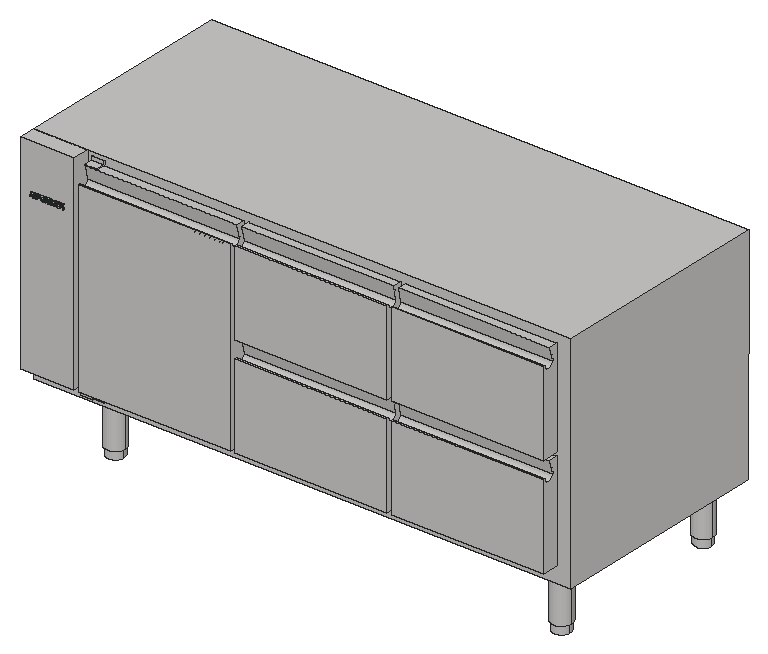
Revit family "QF_ALPENINOX_712647_AJ3R8ABB", category Specialty Equipment, Revit 2018
Family settings
  Round Connector Dimension = Use Diameter
  Part Type = Normal
  Work Plane-Based = No
  Always vertical = Yes
  Cut with Voids When Loaded = No
  Shared = No
  Room Calculation Point = No
Parameters
  Weight = 0.00 kg
  Watts = 2.78709 W
  Volts = 220 V
  URL Manufacturer = "http://www.alpeninox.com"
  URL = "http://www.alpeninox.com"
  Steam Supply Size = 0 mm
  Steam Supply Minimum Pressure = 0.0 Pa
  Steam Supply Maximum Pressure = 0.0 Pa
  Steam Pounds per Hour = 0
  Refrigeration Suction Line Size = 0 mm
  Refrigeration Liquid Line Size = 0 mm
  Refrigerant Compressor Remote = yes
  Manufacturer = "Alpeninox"
  Phase = 1
  Model = "AJ3R8ABB"
  Length Actual = 1557 mm  # constant formula
  Length = 1557 mm
  Item Number = "712647"
  Hot Water Size = 0 mm
  Height Actual = 800 mm  # constant formula
  Height = 650 mm
  HP = "0 HP"
  Gas Size = 0 mm
  Gas KW = 0
  Gas Input Pressure = 0 W
  Depth Actual = 700 mm  # constant formula
  Depth = 695 mm
  Description = "1 DOOR+4x½ DRAWER REF.TABLE -2C REM NO TOP"
  Cycle = 60 Hz
  Condensate Return Size = 0 mm
  Compressed Air Volume = 0.0 L/s
  Compressed Air Size = 0 mm
  Compressed Air Pressure = 0.0 Pa
  Cold Water Size = 0 mm
  Accessory = yes
Reference planes
  plane 1: z = 0
  plane 2 "Center (Left/Right)": x = -124.5
  plane 3 "Center (Front/Back)": y = 64.5
  plane 4 "FEET": z = 150
  plane 5 "TOP": z = 850
  plane 6 "PLAIN": z = 800
  plane 7 "EI_back": y = 359
  plane 8 "EI_left": x = -837
  plane 9 "BACK": y = 412
  plane 10 "FRONT": y = -283
  plane 11 "DOOR": y = -233
  plane 12 "LEFT": x = -903
  plane 13 "RIGHT": x = 654
  plane 14: x = -878
  plane 15: x = 629
  plane 16 "RO_left": x = -863
  plane 17 "RI_left": x = -811
  plane 18 "RO_back": y = 375.5
  plane 19 "RI_back": y = 375.5
  plane 20 "DRAINleft": x = -837
  plane 21 "DRAINback": y = 164
Forms (mm)
  Extrusion 1, solid, material "QF_Finishes_Stainless Steel"
    sketch origin (-1022.223, -1524, 150) x (-1, 0, 0) y (0, -1, 0)
      loop
        circle (-185.223, -1883) r 5
    from 0 to -40
  Extrusion 2, solid, material "QF_Finishes_Stainless Steel"
    sketch origin (-1022.223, -1524, 150) x (-1, 0, 0) y (0, -1, 0)
      loop
        circle (-159.223, -1899.5) r 4.25
    from 0 to -20
  Extrusion 3, solid, material "QF_Finishes_Stainless Steel"
    sketch origin (-1022.223, -1524, 150) x (-1, 0, 0) y (0, -1, 0)
      loop
        circle (-211.223, -1899.5) r 4
    from 0 to -20
  Extrusion 4, solid, material "QF_Finishes_Stainless Steel"
    sketch origin (-1022.223, -1524, 150) x (-1, 0, 0) y (0, -1, 0)
      loop
        circle (-185.223, -1688) r 8.5
    from 0 to -40
  Extrusion 5, solid, material "QF_Finishes_Stainless Steel"
    sketch origin (-1022.223, -1524, 150) x (-1, 0, 0) y (0, -1, 0)
      loop
        line (-119.223, -1936) -> (-119.223, -1291) -> (-1676.223, -1291) -> (-1676.223, -1936) -> (-119.223, -1936)
    from 0 to 650 <- "Height"
Lines and regions (mm)
  symbolic lines, style "SpecialityEquipmentHiddenLines"
    curve 1: line (-903, 412, 150) -> (654, 412, 150)
    curve 2: line (-903, -283, 150) -> (-903, 412, 150)
    curve 3: line (654, -283, 150) -> (-903, -283, 150)
    curve 4: line (654, 412, 150) -> (654, -283, 150)
    curve 5: line (-903, -233, 150) -> (654, -233, 150)
    curve 6: line (629, -233, 150) -> (629, -283, 150)
Dimensions and locks
  plane 4 "FEET" to level = 150 mm
  plane 11 "DOOR" to plane 10 "FRONT" = 50 mm
  "Height": plane 6 "PLAIN" to plane 4 "FEET"
  plane 5 "TOP" to plane 6 "PLAIN" = 50 mm
  plane 12 "LEFT" to plane 14 = 25 mm
  plane 15 to plane 13 "RIGHT" = 25 mm
  plane 9 "BACK" to plane 18 "RO_back" = 36.5 mm
  plane 9 "BACK" to plane 7 "EI_back" = 53 mm
  plane 9 "BACK" to plane 19 "RI_back" = 36.5 mm
  plane 9 "BACK" to plane 21 "DRAINback" = 248 mm
  plane 12 "LEFT" to plane 20 "DRAINleft" = 66 mm
  plane 12 "LEFT" to plane 8 "EI_left" = 66 mm
  plane 12 "LEFT" to plane 17 "RI_left" = 92 mm
  plane 12 "LEFT" to plane 16 "RO_left" = 40 mm
  "Depth": plane 9 "BACK" to plane 10 "FRONT"
  equal spacing: plane 9 "BACK", plane 3 "Center (Front/Back)", plane 10 "FRONT"
  "Length": plane 12 "LEFT" to plane 13 "RIGHT"
  equal spacing: plane 12 "LEFT", plane 2 "Center (Left/Right)", plane 13 "RIGHT"
  aligned and locked: level to plane 1
Automatic sketch dimensions
  Extrusion 1 sketch curve to plane 7 "EI_back" = 0 mm
  Extrusion 1 sketch curve to plane 8 "EI_left" = 0 mm
  Extrusion 2 sketch curve to plane 16 "RO_left" = 0 mm
  Extrusion 2 sketch curve to plane 18 "RO_back" = 0 mm
  Extrusion 3 sketch curve to plane 17 "RI_left" = 0 mm
  Extrusion 3 sketch curve to plane 19 "RI_back" = 0 mm
  Extrusion 4 sketch curve to plane 20 "DRAINleft" = 0 mm
  Extrusion 4 sketch curve to plane 21 "DRAINback" = 0 mm
  Extrusion 5 sketch curve to plane 9 "BACK" = 0 mm
  Extrusion 5 sketch curve to plane 13 "RIGHT" = 0 mm
  Extrusion 5 sketch curve to plane 11 "DOOR" = 0 mm
  Extrusion 5 sketch curve to plane 12 "LEFT" = 0 mm
  curve 1 to plane 13 "RIGHT" = 0 mm
  curve 6 to plane 15 = 0 mm
  curve 5 to plane 11 "DOOR" = 0 mm
  curve 5 to plane 12 "LEFT" = 0 mm
  curve 6 to plane 10 "FRONT" = 0 mm
  curve 1 to plane 9 "BACK" = 0 mm
  radius of Extrusion 1 sketch curve = 5 mm
  radius of Extrusion 2 sketch curve = 4.25 mm
  radius of Extrusion 3 sketch curve = 4 mm
  radius of Extrusion 4 sketch curve = 8.5 mm
Nested families
  nested 1: "Refrigerator" at (654, -283, 0), type "Refrigerator"
  nested 2: "FEET" at (-707, 331, 0), type "FEET"
  nested 3: "FEET" at (588, 331, 0), type "FEET"
  nested 4: "FEET" at (-707, -183, 0), type "FEET"
  nested 5: "FEET" at (588, -183, 0), type "FEET"
  nested 6: "APX_REM_TN_L_650" at (-746.08, -233, 548) x (1, 0, 0) z (0, -1, 0), type "APX_REM_TN_L_650"
    with Show Logo yes
  nested 7: "APX_SD_L_650" at (-513, -233, 458.88) x (1, 0, 0) z (0, -1, 0), type "APX_SD_L_650"
    with Show Clearance yes
  nested 8: "APX_HALF_650" at (-59, -233, 458.08) x (1, 0, 0) z (0, -1, 0), type "APX_HALF_650"
    with Show Clearance yes
  nested 9: "APX_HALF_650" at (395, -233, 458.08) x (1, 0, 0) z (0, -1, 0), type "APX_HALF_650"
    with Show Clearance yes
Connectors
  electrical at (-837, 359, 110), driven by "Volts"
    settings: on Extrusion 1, index 1, voltage 220 V, apparent load 0 VA, apparent load phase1 0 VA, apparent load phase2 0 VA, apparent load phase3 0 VA, power factor 1, load classification "Other", number of poles 1, system type 31, power factor state 1, is connector primary yes, connector utility no, sub classification motor no, connector description "Electrical Connection"
  piping at (-863, 375.5, 130), diameter 9.5
    settings: on Extrusion 2, index 3, connector inside diameter 609.6 mm, connector length 0 mm, flow factor 0, pipe flow 0.0 L/s, pressure drop 0.0 Pa, fitting loss kfactor 0, connector angle 0.00°, fixture units 0, engagement length 0 mm, angle of deflection 0.00°, flow configuration 1, flow direction 2, fitting loss method 0, system type 8, joint type 0, gender type 0, connector reference index -1, connector utility 0, adjustable connector no, is connector primary yes, connector description "Refrigerant Outlet"
  piping at (-811, 375.5, 130), diameter 8
    settings: on Extrusion 3, index 4, connector inside diameter 609.6 mm, connector length 0 mm, flow factor 0, pipe flow 0.0 L/s, pressure drop 0.0 Pa, fitting loss kfactor 0, connector angle 0.00°, fixture units 0, engagement length 0 mm, angle of deflection 0.00°, flow configuration 1, flow direction 1, fitting loss method 0, system type 7, joint type 0, gender type 0, connector reference index -1, connector utility 0, adjustable connector no, is connector primary no, connector description "Refrigerant Inlet"
  piping at (-837, 164, 110), diameter 17
    settings: on Extrusion 4, index 5, connector inside diameter 609.6 mm, connector length 0 mm, flow factor 0, pipe flow 0.0 L/s, pressure drop 0.0 Pa, fitting loss kfactor 0, connector angle 0.00°, fixture units 0, engagement length 0 mm, angle of deflection 0.00°, flow configuration 1, flow direction 2, fitting loss method 0, system type 16, joint type 0, gender type 0, connector reference index -1, connector utility 0, adjustable connector no, is connector primary no, connector description "Drain"
Definition of nested family "FEET"
  Parameters
    FEET = 150 mm
  Reference planes
    plane 1 "Center (Front/Back)": y = 0
    plane 2: z = 0
    plane 3 "Center (Left/Right)": x = 0
    plane 4: z = 150
  Forms (mm)
    Revolve 1, solid
      sketch origin (255.05, 0, 608.09) x (0, 0, 1) y (-1, 0, 0)
        loop
          line (-608.09, 255.05) -> (-608.09, 230.05) -> (-583.09, 230.05) -> (-583.09, 226.05) -> (-458.09, 226.05) -> (-458.09, 255.05) -> (-608.09, 255.05)
        axis (-608.09, 255.05) -> (-458.09, 255.05)
      angle from 0 to 360
  Dimensions and locks
    locked: Revolve 1 sketch curve to Revolve 1 sketch curve at 125
    "FEET": plane 4 to plane 2
    aligned and locked: level to plane 2
    aligned and locked: plane 4 to Revolve 1 sketch curve
    aligned and locked: Revolve 1 sketch curve to level
    aligned and locked: plane 3 "Center (Left/Right)" to Revolve 1 sketch curve
  Automatic sketch dimensions
    Revolve 1 sketch curve to plane 3 "Center (Left/Right)" = 0 mm
    Revolve 1 sketch curve to Revolve 1 sketch curve = 25 mm
    Revolve 1 sketch curve to Revolve 1 sketch curve = 29 mm
    plane 4 to Revolve 1 sketch curve = 50 mm
    Revolve 1 sketch curve to Revolve 1 sketch curve = 20 mm
Definition of nested family "APX_REM_TN_L_650"
  Parameters
    Show Logo [instance] = yes
    Default Elevation = 1219.2 mm
  Reference planes
    plane 1 "Centro (Fronte/Retro)": y = -49
    plane 2: z = 0
    plane 3 "Centro (Sinistra/Destra)": x = -78.92
  Forms (mm)
    Extrusion 1, solid
      sketch origin (0, 0, 0) x (1, 0, 0) y (0, 1, 0)
        loop
          line (-1219.2, 1219.2) -> (-1219.2, -1219.2) -> (1219.2, -1219.2) -> (1219.2, 1219.2) -> (-1219.2, 1219.2)
      from 0 to -304.8
    Extrusion 2, solid
      sketch origin (0, 0, 0) x (1, 0, 0) y (0, 1, 0)
        loop
          line (-156.92, 252) -> (-156.92, -350) -> (-0.92, -350) -> (-0.92, 252) -> (-156.92, 252)
      from 0 to 50
    Extrusion 3, solid
      sketch origin (43.141, -49.023, 0) x (1, 0, 0) y (0, 1, 0)
        loop
          line (-168.675, 170.349) -> (-172.411, 160.318)
          arc (-172.411, 160.318) -> (-171.624, 158.497) -> (-169.837, 159.36) r 1.374
          line (-169.837, 159.36) -> (-169.268, 161.111) -> (-164.1, 161.111) -> (-163.54, 159.379)
          arc (-163.54, 159.379) -> (-161.802, 158.542) -> (-161.049, 160.318) r 1.333
          line (-161.049, 160.318) -> (-164.694, 170.349)
          arc (-164.694, 170.349) -> (-166.685, 171.876) -> (-168.675, 170.349) r 2.06
        loop
          line (-166.681, 169.055) -> (-168.469, 163.655) -> (-164.935, 163.655) -> (-166.681, 169.055)
        loop
          arc (-159.705, 160.042) -> (-159.262, 158.973) -> (-158.194, 158.531) r 1.512
          line (-158.194, 158.531) -> (-153.608, 158.531)
          arc (-153.608, 158.531) -> (-152.337, 159.802) -> (-153.608, 161.074) r 1.272
          line (-153.608, 161.074) -> (-156.917, 161.074) -> (-156.917, 170.328)
          arc (-156.917, 170.328) -> (-158.311, 171.722) -> (-159.705, 170.328) r 1.394
          line (-159.705, 170.328) -> (-159.705, 160.042)
        loop
          line (-151.076, 170.218) -> (-151.076, 159.859)
          arc (-151.076, 159.859) -> (-149.683, 158.466) -> (-148.29, 159.859) r 1.393
          line (-148.29, 159.859) -> (-148.29, 162.882) -> (-146.225, 162.882)
          arc (-146.225, 162.882) -> (-142.999, 163.859) -> (-141.608, 166.928) r 4.082
          arc (-141.608, 166.928) -> (-142.993, 170.272) -> (-146.336, 171.657) r 4.728
          line (-146.336, 171.657) -> (-149.638, 171.657)
          arc (-149.638, 171.657) -> (-150.655, 171.235) -> (-151.076, 170.218) r 1.439
        loop
          line (-148.29, 165.313) -> (-146.388, 165.313)
          arc (-146.388, 165.313) -> (-144.433, 167.268) -> (-146.388, 169.222) r 1.955
          line (-146.388, 169.222) -> (-148.29, 169.222) -> (-148.29, 165.313)
        loop
          arc (-131.184, 166.332) -> (-132.004, 168.2) -> (-133.767, 169.228) r 3.3
          arc (-133.767, 169.228) -> (-136.353, 168.661) -> (-137.611, 166.332) r 3.176
          line (-137.611, 166.332) -> (-131.184, 166.332)
        loop
          line (-137.538, 163.743) -> (-130.544, 163.743)
          arc (-130.544, 163.743) -> (-129.292, 163.916) -> (-128.301, 164.701) r 2.4
          arc (-128.301, 164.701) -> (-128.155, 165.545) -> (-128.212, 166.399) r 3.635
          arc (-128.212, 166.399) -> (-130.364, 170.162) -> (-134.39, 171.769) r 6.579
          arc (-134.39, 171.769) -> (-138.918, 169.706) -> (-140.661, 165.044) r 6.501
          arc (-140.661, 165.044) -> (-139.276, 160.789) -> (-135.401, 158.549) r 6.252
          arc (-135.401, 158.549) -> (-132.922, 158.526) -> (-130.544, 159.232) r 8.361
          arc (-130.544, 159.232) -> (-129.466, 159.781) -> (-128.641, 160.666) r 3.486
          arc (-128.641, 160.666) -> (-128.419, 161.592) -> (-128.828, 162.451) r 1.425
          arc (-128.828, 162.451) -> (-129.368, 162.762) -> (-129.99, 162.762) r 1.203
          arc (-129.99, 162.762) -> (-130.406, 162.59) -> (-130.764, 162.316) r 1.724
          arc (-130.764, 162.316) -> (-131.666, 161.705) -> (-132.646, 161.229) r 7.6
          arc (-132.646, 161.229) -> (-135.676, 161.35) -> (-137.538, 163.743) r 3.6
        loop
          line (-126.669, 170.328) -> (-126.669, 159.859)
          arc (-126.669, 159.859) -> (-125.273, 158.463) -> (-123.878, 159.859) r 1.396
          line (-123.878, 159.859) -> (-123.878, 166.785) -> (-117.946, 159.029)
          arc (-117.946, 159.029) -> (-116.361, 158.51) -> (-115.379, 159.859) r 1.417
          line (-115.379, 159.859) -> (-115.379, 170.328)
          arc (-115.379, 170.328) -> (-116.774, 171.723) -> (-118.169, 170.328) r 1.395
          line (-118.169, 170.328) -> (-118.169, 163.311) -> (-124.101, 171.157)
          arc (-124.101, 171.157) -> (-125.687, 171.678) -> (-126.669, 170.328) r 1.418
        loop
          arc (-113.636, 159.859) -> (-112.241, 158.464) -> (-110.847, 159.859) r 1.394
          line (-110.847, 159.859) -> (-110.847, 170.328)
          arc (-110.847, 170.328) -> (-112.241, 171.723) -> (-113.636, 170.328) r 1.394
          line (-113.636, 170.328) -> (-113.636, 159.859)
        loop
          line (-109.102, 170.328) -> (-109.102, 159.859)
          arc (-109.102, 159.859) -> (-107.706, 158.463) -> (-106.31, 159.859) r 1.396
          line (-106.31, 159.859) -> (-106.31, 166.785) -> (-100.378, 159.029)
          arc (-100.378, 159.029) -> (-98.793, 158.51) -> (-97.812, 159.859) r 1.417
          line (-97.812, 159.859) -> (-97.812, 170.328)
          arc (-97.812, 170.328) -> (-99.207, 171.723) -> (-100.602, 170.328) r 1.395
          line (-100.602, 170.328) -> (-100.602, 163.311) -> (-106.533, 171.157)
          arc (-106.533, 171.157) -> (-108.119, 171.678) -> (-109.102, 170.328) r 1.418
        loop
          arc (-96.345, 165.093) -> (-95.619, 161.877) -> (-93.467, 159.379) r 6.806
          arc (-93.467, 159.379) -> (-91.792, 158.566) -> (-89.948, 158.31) r 5.956
          arc (-89.948, 158.31) -> (-88.104, 158.566) -> (-86.43, 159.379) r 5.956
          arc (-86.43, 159.379) -> (-84.277, 161.877) -> (-83.551, 165.093) r 6.806
          arc (-83.551, 165.093) -> (-84.277, 168.31) -> (-86.43, 170.808) r 6.806
          arc (-86.43, 170.808) -> (-88.104, 171.621) -> (-89.948, 171.877) r 5.956
          arc (-89.948, 171.877) -> (-91.792, 171.621) -> (-93.467, 170.808) r 5.956
          arc (-93.467, 170.808) -> (-95.619, 168.31) -> (-96.345, 165.093) r 6.806
        loop
          arc (-93.425, 165.093) -> (-93.138, 163.212) -> (-92.081, 161.629) r 4.387
          arc (-92.081, 161.629) -> (-91.087, 161.049) -> (-89.948, 160.881) r 3.035
          arc (-89.948, 160.881) -> (-88.809, 161.049) -> (-87.815, 161.629) r 3.035
          arc (-87.815, 161.629) -> (-86.759, 163.212) -> (-86.472, 165.093) r 4.387
          arc (-86.472, 165.093) -> (-86.759, 166.975) -> (-87.815, 168.558) r 4.387
          arc (-87.815, 168.558) -> (-88.809, 169.138) -> (-89.948, 169.306) r 3.035
          arc (-89.948, 169.306) -> (-91.087, 169.138) -> (-92.081, 168.558) r 3.035
          arc (-92.081, 168.558) -> (-93.138, 166.975) -> (-93.425, 165.093) r 4.387
        loop
          line (-82.843, 169.609) -> (-79.829, 165.552) -> (-83.513, 160.652)
          arc (-83.513, 160.652) -> (-83.216, 158.692) -> (-81.262, 159.029) r 1.388
          line (-81.262, 159.029) -> (-78.213, 163.232) -> (-75.164, 159.029)
          arc (-75.164, 159.029) -> (-73.211, 158.692) -> (-72.913, 160.652) r 1.388
          line (-72.913, 160.652) -> (-76.597, 165.552) -> (-73.584, 169.609)
          arc (-73.584, 169.609) -> (-73.952, 171.597) -> (-75.908, 171.084) r 1.38
          line (-75.908, 171.084) -> (-78.213, 167.841) -> (-80.519, 171.084)
          arc (-80.519, 171.084) -> (-82.474, 171.597) -> (-82.843, 169.609) r 1.38
      from 50 to 51.6
  Lines and regions (mm)
    Split face 1
      outline origin (0, 0, 50) x (1, 0, 0) y (0, 1, 0)
        loop
          line (-0.92, 188) -> (-156.92, 188)
    Split face 2
      outline origin (0, 0, 50) x (1, 0, 0) y (0, 1, 0)
        loop
          line (-156.92, 178) -> (-0.92, 178)
    Split face 3
      outline origin (0, 0, 50) x (1, 0, 0) y (0, 1, 0)
        loop
          line (-0.92, 104) -> (-156.92, 104)
    Split face 4
      outline origin (0, 0, 50) x (1, 0, 0) y (0, 1, 0)
        loop
          line (-0.92, 94) -> (-156.92, 94)
    Split face 5
      outline origin (0, 0, 50) x (1, 0, 0) y (0, 1, 0)
        loop
          line (-108.92, 163.931) -> (-108.92, 134.412) -> (-48.92, 134.412) -> (-48.92, 163.931) -> (-108.92, 163.931)
    Split face 6
      outline origin (0, 0, 50) x (1, 0, 0) y (0, 1, 0)
        loop
          line (-68.92, 160.931) -> (-68.92, 137.412) -> (-51.92, 137.412) -> (-51.92, 160.931) -> (-68.92, 160.931)
    symbolic lines
      curve 1: line (-2, -49, 50) -> (-2, -49, 0)
  Dimensions and locks
    equal spacing: Extrusion 2, plane 3 "Centro (Sinistra/Destra)", Extrusion 2
    equal spacing: Extrusion 2, plane 1 "Centro (Fronte/Retro)", Extrusion 2
    Extrusion 2 to Extrusion 2 = 156 mm
    aligned and locked: plane 2 to Extrusion 1
    aligned and locked: level to Extrusion 1
  Automatic sketch dimensions
    curve 1 to level = 0 mm
    plane 3 "Centro (Sinistra/Destra)" to curve 1 = 76.92 mm
    curve 1 to curve 1 = 50 mm
    Extrusion 1 sketch curve to Extrusion 1 sketch curve = 2438.4 mm  (x2)
    Extrusion 2 sketch curve to plane 3 "Centro (Sinistra/Destra)" = 78 mm
    plane 3 "Centro (Sinistra/Destra)" to Extrusion 2 sketch curve = 78 mm
    plane 1 "Centro (Fronte/Retro)" to Extrusion 2 sketch curve = 301 mm
    Extrusion 2 sketch curve to plane 1 "Centro (Fronte/Retro)" = 301 mm
    Extrusion 3 sketch curve to plane 3 "Centro (Sinistra/Destra)" = 50.35 mm
    Extrusion 3 sketch curve to Extrusion 3 sketch curve = 1.266 mm
    Extrusion 3 sketch curve to Extrusion 3 sketch curve = 1.307 mm
    Extrusion 3 sketch curve to Extrusion 3 sketch curve = 0.57 mm
    Extrusion 3 sketch curve to Extrusion 3 sketch curve = 0.593 mm
    Extrusion 3 sketch curve to Extrusion 3 sketch curve = 0.799 mm
    Extrusion 3 sketch curve to Extrusion 3 sketch curve = 1.99 mm  (x2)
    Extrusion 3 sketch curve to Extrusion 3 sketch curve = 0.003 mm
    Extrusion 3 sketch curve to Extrusion 3 sketch curve = 3.534 mm
    Extrusion 3 sketch curve to Extrusion 3 sketch curve = 0.835 mm
    Extrusion 3 sketch curve to Extrusion 3 sketch curve = 0.56 mm
    Extrusion 3 sketch curve to Extrusion 3 sketch curve = 1.268 mm
    Extrusion 3 sketch curve to Extrusion 3 sketch curve = 1.223 mm
    Extrusion 3 sketch curve to Extrusion 3 sketch curve = 1.344 mm
    Extrusion 3 sketch curve to Extrusion 3 sketch curve = 1.394 mm  (x2)
    Extrusion 3 sketch curve to Extrusion 3 sketch curve = 1.512 mm
    Extrusion 3 sketch curve to Extrusion 3 sketch curve = 3.309 mm
    Extrusion 3 sketch curve to Extrusion 3 sketch curve = 5.841 mm
    Extrusion 3 sketch curve to Extrusion 3 sketch curve = 1.393 mm
    Extrusion 3 sketch curve to Extrusion 3 sketch curve = 1.439 mm
    Extrusion 3 sketch curve to Extrusion 3 sketch curve = 0 mm  (x19)
    Extrusion 3 sketch curve to Extrusion 3 sketch curve = 1.902 mm
    Extrusion 3 sketch curve to Extrusion 3 sketch curve = 0.052 mm
    Extrusion 3 sketch curve to Extrusion 3 sketch curve = 2.065 mm
    Extrusion 3 sketch curve to Extrusion 3 sketch curve = 0.647 mm
    Extrusion 3 sketch curve to Extrusion 3 sketch curve = 8.079 mm
    Extrusion 3 sketch curve to Extrusion 3 sketch curve = 0.073 mm
    Extrusion 3 sketch curve to Extrusion 3 sketch curve = 2.145 mm
    Extrusion 3 sketch curve to Extrusion 3 sketch curve = 2.931 mm
    Extrusion 3 sketch curve to Extrusion 3 sketch curve = 0.213 mm
    Extrusion 3 sketch curve to Extrusion 3 sketch curve = 0.026 mm
    Extrusion 3 sketch curve to Extrusion 3 sketch curve = 0.263 mm
    Extrusion 3 sketch curve to Extrusion 3 sketch curve = 0.516 mm
    Extrusion 3 sketch curve to Extrusion 3 sketch curve = 0.356 mm
    Extrusion 3 sketch curve to Extrusion 3 sketch curve = 0.387 mm
    Extrusion 3 sketch curve to Extrusion 3 sketch curve = 2.378 mm
    Extrusion 3 sketch curve to Extrusion 3 sketch curve = 2.466 mm
    Extrusion 3 sketch curve to Extrusion 3 sketch curve = 0.602 mm
    Extrusion 3 sketch curve to Extrusion 3 sketch curve = 1.02 mm
    Extrusion 3 sketch curve to Extrusion 3 sketch curve = 0.949 mm
    Extrusion 3 sketch curve to Extrusion 3 sketch curve = 1.728 mm
    Extrusion 3 sketch curve to Extrusion 3 sketch curve = 0.157 mm  (x2)
    Extrusion 3 sketch curve to Extrusion 3 sketch curve = 0.292 mm
    Extrusion 3 sketch curve to plane 3 "Centro (Sinistra/Destra)" = 4.608 mm
    Extrusion 3 sketch curve to Extrusion 3 sketch curve = 1.396 mm  (x2)
    Extrusion 3 sketch curve to Extrusion 3 sketch curve = 1.418 mm  (x2)
    Extrusion 3 sketch curve to Extrusion 3 sketch curve = 1.151 mm  (x2)
    plane 3 "Centro (Sinistra/Destra)" to Extrusion 3 sketch curve = 3.891 mm
    plane 3 "Centro (Sinistra/Destra)" to Extrusion 3 sketch curve = 4.115 mm
    Extrusion 3 sketch curve to Extrusion 3 sketch curve = 1.149 mm  (x2)
    Extrusion 3 sketch curve to Extrusion 3 sketch curve = 1.395 mm  (x2)
    Extrusion 3 sketch curve to Extrusion 3 sketch curve = 1.744 mm
    Extrusion 3 sketch curve to Extrusion 3 sketch curve = 1.745 mm
    Extrusion 3 sketch curve to Extrusion 3 sketch curve = 5.709 mm
    Extrusion 3 sketch curve to Extrusion 3 sketch curve = 0.224 mm
    Extrusion 3 sketch curve to Extrusion 3 sketch curve = 6.963 mm
    Extrusion 3 sketch curve to Extrusion 3 sketch curve = 0.493 mm  (x3)
    Extrusion 3 sketch curve to Extrusion 3 sketch curve = 0.273 mm  (x2)
    Extrusion 3 sketch curve to Extrusion 3 sketch curve = 0.021 mm  (x2)
    Extrusion 3 sketch curve to Extrusion 3 sketch curve = 0.226 mm  (x2)
    Extrusion 3 sketch curve to Extrusion 3 sketch curve = 0.268 mm  (x2)
    Extrusion 3 sketch curve to Extrusion 3 sketch curve = 0.294 mm
    Extrusion 3 sketch curve to Extrusion 3 sketch curve = 5.534 mm
    Extrusion 3 sketch curve to Extrusion 3 sketch curve = 6.205 mm
    Extrusion 3 sketch curve to Extrusion 3 sketch curve = 1.109 mm  (x2)
    Extrusion 3 sketch curve to Extrusion 3 sketch curve = 1.108 mm  (x2)
    Extrusion 3 sketch curve to Extrusion 3 sketch curve = 1.142 mm  (x2)
    Extrusion 3 sketch curve to Extrusion 3 sketch curve = 1.216 mm  (x2)
    Extrusion 3 sketch curve to Extrusion 3 sketch curve = 3.013 mm
    Extrusion 3 sketch curve to Extrusion 3 sketch curve = 1.616 mm  (x3)
    Extrusion 3 sketch curve to Extrusion 3 sketch curve = 2.305 mm
    Extrusion 3 sketch curve to Extrusion 3 sketch curve = 3.049 mm
    Extrusion 3 sketch curve to plane 1 "Centro (Fronte/Retro)" = 158.508 mm
    Extrusion 3 sketch curve to Extrusion 3 sketch curve = 0.498 mm
    Extrusion 3 sketch curve to Extrusion 3 sketch curve = 0.682 mm
    Extrusion 3 sketch curve to Extrusion 3 sketch curve = 0.664 mm
    Extrusion 3 sketch curve to Extrusion 3 sketch curve = 0.425 mm
    Extrusion 3 sketch curve to Extrusion 3 sketch curve = 0.41 mm
    Extrusion 3 sketch curve to Extrusion 3 sketch curve = 1.272 mm
    Extrusion 3 sketch curve to Extrusion 3 sketch curve = 0.789 mm  (x2)
    Extrusion 3 sketch curve to Extrusion 3 sketch curve = 0.056 mm
    Extrusion 3 sketch curve to Extrusion 3 sketch curve = 0.83 mm
    Extrusion 3 sketch curve to Extrusion 3 sketch curve = 1.238 mm
    Extrusion 3 sketch curve to Extrusion 3 sketch curve = 1.732 mm
    Extrusion 3 sketch curve to Extrusion 3 sketch curve = 0.346 mm
    Extrusion 3 sketch curve to Extrusion 3 sketch curve = 1.123 mm
    Extrusion 3 sketch curve to Extrusion 3 sketch curve = 3.023 mm
    Extrusion 3 sketch curve to Extrusion 3 sketch curve = 4.203 mm
    Extrusion 3 sketch curve to Extrusion 3 sketch curve = 3.452 mm  (x2)
    Extrusion 3 sketch curve to Extrusion 3 sketch curve = 2.544 mm
    Extrusion 3 sketch curve to Extrusion 3 sketch curve = 1.177 mm
    Extrusion 3 sketch curve to Extrusion 3 sketch curve = 3.261 mm
    Extrusion 3 sketch curve to Extrusion 3 sketch curve = 0.352 mm  (x2)
    Extrusion 3 sketch curve to Extrusion 3 sketch curve = 1.987 mm
    Extrusion 3 sketch curve to Extrusion 3 sketch curve = 0.171 mm
    Extrusion 3 sketch curve to Extrusion 3 sketch curve = 0.533 mm  (x3)
    Extrusion 3 sketch curve to Extrusion 3 sketch curve = 0.14 mm  (x4)
    Extrusion 3 sketch curve to Extrusion 3 sketch curve = 0.473 mm
    Extrusion 3 sketch curve to Extrusion 3 sketch curve = 0.31 mm  (x2)
    Extrusion 3 sketch curve to Extrusion 3 sketch curve = 0.075 mm
    Extrusion 3 sketch curve to Extrusion 3 sketch curve = 2.431 mm
    Extrusion 3 sketch curve to Extrusion 3 sketch curve = 2.32 mm  (x2)
    Extrusion 3 sketch curve to Extrusion 3 sketch curve = 1.992 mm
    Extrusion 3 sketch curve to Extrusion 3 sketch curve = 0.674 mm
    Extrusion 3 sketch curve to Extrusion 3 sketch curve = 0.732 mm
    Extrusion 3 sketch curve to Extrusion 3 sketch curve = 0.388 mm
    Extrusion 3 sketch curve to Extrusion 3 sketch curve = 0.121 mm
    Extrusion 3 sketch curve to Extrusion 3 sketch curve = 2.589 mm
    Extrusion 3 sketch curve to Extrusion 3 sketch curve = 0.662 mm
    Extrusion 3 sketch curve to Extrusion 3 sketch curve = 3.473 mm
    Extrusion 3 sketch curve to Extrusion 3 sketch curve = 0.681 mm
    Extrusion 3 sketch curve to Extrusion 3 sketch curve = 1.615 mm
    Extrusion 3 sketch curve to Extrusion 3 sketch curve = 0.34 mm
    Extrusion 3 sketch curve to Extrusion 3 sketch curve = 2.288 mm
    Extrusion 3 sketch curve to Extrusion 3 sketch curve = 0.942 mm
    Extrusion 3 sketch curve to Extrusion 3 sketch curve = 5.4 mm
    Extrusion 3 sketch curve to Extrusion 3 sketch curve = 1.768 mm  (x2)
    Extrusion 3 sketch curve to Extrusion 3 sketch curve = 0.761 mm
    Extrusion 3 sketch curve to Extrusion 3 sketch curve = 0.996 mm
    Extrusion 3 sketch curve to Extrusion 3 sketch curve = 3.543 mm  (x2)
    Extrusion 3 sketch curve to Extrusion 3 sketch curve = 7.017 mm
    Extrusion 3 sketch curve to Extrusion 3 sketch curve = 0.11 mm
    Extrusion 3 sketch curve to Extrusion 3 sketch curve = 0.823 mm  (x2)
    Extrusion 3 sketch curve to Extrusion 3 sketch curve = 0.947 mm
    Extrusion 3 sketch curve to Extrusion 3 sketch curve = 3.837 mm
    Extrusion 3 sketch curve to Extrusion 3 sketch curve = 0.623 mm
    Extrusion 3 sketch curve to Extrusion 3 sketch curve = 1.082 mm
    Extrusion 3 sketch curve to Extrusion 3 sketch curve = 0.801 mm
    Extrusion 3 sketch curve to Extrusion 3 sketch curve = 1 mm
    Extrusion 3 sketch curve to Extrusion 3 sketch curve = 0.089 mm
    Extrusion 3 sketch curve to Extrusion 3 sketch curve = 4.257 mm
    Extrusion 3 sketch curve to Extrusion 3 sketch curve = 4.345 mm  (x2)
    Extrusion 3 sketch curve to Extrusion 3 sketch curve = 2.576 mm
    Extrusion 3 sketch curve to Extrusion 3 sketch curve = 1.385 mm  (x4)
    Extrusion 3 sketch curve to Extrusion 3 sketch curve = 2.133 mm  (x4)
    Extrusion 3 sketch curve to Extrusion 3 sketch curve = 3.518 mm
    Extrusion 3 sketch curve to Extrusion 3 sketch curve = 5.603 mm
    Extrusion 3 sketch curve to Extrusion 3 sketch curve = 2.571 mm
    Split face 1 sketch curve to Extrusion 2 = 0 mm  (x2)
    Split face 1 sketch curve to Extrusion 2 = 64 mm
    Split face 2 sketch curve to Extrusion 2 = 0 mm
    Split face 2 sketch curve to Extrusion 2 = 74 mm
    Extrusion 2 to Split face 2 sketch curve = 0 mm
    Split face 3 sketch curve to Extrusion 2 = 0 mm  (x2)
    Split face 3 sketch curve to Extrusion 2 = 148 mm
    Split face 4 sketch curve to Extrusion 2 = 0 mm  (x2)
    Split face 4 sketch curve to Extrusion 2 = 158 mm
    Split face 5 sketch curve to Extrusion 2 = 48 mm  (x2)
    Split face 5 sketch curve to Extrusion 2 = 117.588 mm
    Split face 5 sketch curve to Split face 5 sketch curve = 29.518 mm
    Split face 6 sketch curve to Extrusion 2 = 68 mm
    Split face 6 sketch curve to Split face 6 sketch curve = 17 mm
    Split face 6 sketch curve to Extrusion 2 = 114.588 mm
    Split face 6 sketch curve to Split face 6 sketch curve = 23.518 mm
Definition of nested family "APX_SD_L_650"
  Parameters
    Show Clearance [instance] = yes
    Default Elevation = 1219.2 mm
  Reference planes
    plane 1 "Center (Front/Back)": y = 28.12
    plane 2: z = 0
    plane 3 "Center (Left/Right)": x = 0
    plane 4: x = -234
    plane 5: x = 234
  Forms (mm)
    Extrusion 1, solid
      sketch origin (0, 0, 0) x (1, 0, 0) y (0, 1, 0)
        loop
          line (-1219.2, 1219.2) -> (-1219.2, -1219.2) -> (1219.2, -1219.2) -> (1219.2, 1219.2) -> (-1219.2, 1219.2)
      from 0 to -304.8
    Extrusion 2, solid
      sketch origin (0, 53.12, -3) x (0, 1, 0) y (0, 0, 1)
        loop
          line (-314, 53) -> (-314, 3) -> (264, 3) -> (264, 29) -> (224.395, 20)
          arc (224.395, 20) -> (210.396, 33.803) -> (224, 47.994) r 14
          line (224, 47.994) -> (224, 53) -> (-314, 53)
      from -220 to 220
    Extrusion 3, solid
      sketch origin (0, 53.12, 0) x (0, 1, 0) y (0, 0, -1)
        loop
          line (-323.003, -40.312) -> (-323.003, -12.259) -> (-323.003, 0) -> (-351.511, 0) -> (-351.511, -2.5) -> (-325.503, -2.5) -> (-325.503, -42.812) -> (-316.501, -42.812) -> (-316.501, -40.312) -> (-323.003, -40.312)
        loop
          line (-314, -38.311) -> (-314, -11.804) -> (-319.752, -11.804) -> (-319.752, -14.304) -> (-316.501, -14.304) -> (-316.501, -38.311) -> (-314, -38.311)
        loop
          line (265.003, -27.948) -> (267.503, -27.948) -> (267.503, -2.5) -> (277.503, -2.5) -> (277.503, 0) -> (265.003, 0) -> (265.003, -2.948) -> (265.003, -27.948)
      from 185 to 220
    Extrusion 4, solid, visible <- "Show Clearance", detail levels coarse
      sketch origin (0, 28.12, -3) x (-1, 0, 0) y (0, 0, -1)
        loop
          line (220, -53) -> (-220, -53)
          arc (-220, -53) -> (-79.636, -340.04) -> (220, -451) r 430
          line (220, -451) -> (220, -53)
      from -289 to 289
  Lines and regions (mm)
    symbolic lines
      curve 1: arc (219.599, 0, 55) -> (95.934, 0, 321.503) -> (-170, 0, 446.39) r 430
      curve 2: line (-220, 0, 55) -> (-220, 0, 448)
      curve 3: line (-170, 0, 55) -> (-170, 0, 448)
      curve 4: line (-220, 0, 448) -> (-170, 0, 448)
  Dimensions and locks
    plane 4 to plane 3 "Center (Left/Right)" to plane 5 = 234 mm locked, 234 mm locked
    aligned and locked: plane 2 to Extrusion 1
    aligned and locked: level to Extrusion 1
Definition of nested family "APX_HALF_650"
  Parameters
    Show Clearance [instance] = yes
    Default Elevation = 1219.2 mm
  Reference planes
    plane 1 "Center (Front/Back)": y = 28.92
    plane 2: z = 0
    plane 3 "Center (Left/Right)": x = 0
    plane 4: x = -234
    plane 5: x = 234
    plane 6: z = 618
  Forms (mm)
    Extrusion 1, solid
      sketch origin (0, 0, 0) x (1, 0, 0) y (0, 1, 0)
        loop
          line (-1219.2, 1219.2) -> (-1219.2, -1219.2) -> (1219.2, -1219.2) -> (1219.2, 1219.2) -> (-1219.2, 1219.2)
      from 0 to -304.8
    Extrusion 2, solid
      sketch origin (0, 0, 0) x (0, 1, 0) y (0, 0, 1)
        loop
          line (317.92, 0) -> (317.92, 26) -> (278.314, 17)
          arc (278.314, 17) -> (264.314, 31) -> (278.314, 45) r 14
          line (278.314, 45) -> (278.314, 50) -> (33.92, 50) -> (33.92, 0) -> (317.92, 0)
        loop
          line (23.92, 0) -> (23.92, 26) -> (-15.686, 17)
          arc (-15.686, 17) -> (-29.686, 31) -> (-15.686, 45) r 14
          line (-15.686, 45) -> (-15.686, 50) -> (-260.08, 50) -> (-260.08, 0) -> (23.92, 0)
      from -220 to 220
    Extrusion 3, solid, visible <- "Show Clearance", detail levels coarse
      sketch origin (0, 0, 512) x (0, 1, 0) y (0, 0, 1)
        loop
          line (-260.08, 106) -> (-260.08, -462) -> (23.92, -462) -> (23.92, 82) -> (-15.686, 73)
          arc (-15.686, 73) -> (-29.686, 87) -> (-15.686, 101) r 14
          line (-15.686, 101) -> (-15.686, 106) -> (-260.08, 106)
        loop
          line (317.92, -462) -> (317.92, 82) -> (278.314, 73)
          arc (278.314, 73) -> (264.314, 87) -> (278.314, 101) r 14
          line (278.314, 101) -> (278.314, 106) -> (33.92, 106) -> (33.92, -462) -> (317.92, -462)
      from -220 to 220
  Lines and regions (mm)
    symbolic lines
      curve 1: line (220, 0, 140) -> (-220, 0, 140)
      curve 2: line (220, 0, 175) -> (-220, 0, 175)
      curve 3: line (220, 0, 260) -> (-220, 0, 260)
      curve 4: line (220, 0, 295) -> (-220, 0, 295)
      curve 5: line (191.424, 0, 140) -> (191.424, 0, 55)
      curve 6: line (-190, 0, 140) -> (-190, 0, 55)
      curve 7: line (191.424, 0, 260) -> (191.424, 0, 175)
      curve 8: line (-190, 0, 260) -> (-190, 0, 175)
      curve 9: line (220, 0, 260) -> (220, 0, 295)
      curve 10: line (-220, 0, 260) -> (-220, 0, 295)
      curve 11: line (220, 0, 140) -> (220, 0, 175)
      curve 12: line (-220, 0, 140) -> (-220, 0, 175)
  Dimensions and locks
    plane 4 to plane 3 "Center (Left/Right)" to plane 5 = 234 mm locked, 234 mm locked
    plane 6 to level = 618 mm
    aligned and locked: plane 2 to Extrusion 1
    aligned and locked: level to Extrusion 1
Definition of nested family "Refrigerator"
  Reference planes
    plane 1 "Center (Front/Back)": y = 0
    plane 2: z = 0
    plane 3 "Center (Left/Right)": x = 0
  Lines and regions (mm)
    detail lines, in view "Ref. Level"
      curve 1: spline (-500, 190, 0) -> (-493.185, 166.706, 0) -> (-473.205, 145, 0) -> (-441.421, 126.36, 0) -> (-400, 112.058, 0) -> (-351.764, 103.067, 0) -> (-300, 100, 0) -> (-248.236, 103.067, 0) -> (-200, 112.058, 0) -> (-158.579, 126.36, 0) -> (-126.795, 145, 0) -> (-106.815, 166.706, 0) -> (-100, 190, 0) -> (-106.815, 213.294, 0) -> (-126.795, 235, 0) -> (-158.579, 253.64, 0) -> (-200, 267.942, 0) -> (-248.236, 276.933, 0) -> (-300, 280, 0) -> (-351.764, 276.933, 0) -> (-400, 267.942, 0) -> (-441.421, 253.64, 0) -> (-473.205, 235, 0) -> (-493.185, 213.294, 0) -> (-500, 190, 0)
      curve 2: line (-300, 130, 0) -> (-300, 250, 0)
      curve 3: line (-351.962, 220, 0) -> (-248.038, 160, 0)
      curve 4: line (-351.962, 160, 0) -> (-248.038, 220, 0)
      curve 5: line (-280.884, 246.873, 0) -> (-300, 225, 0)
      curve 6: line (-300, 225, 0) -> (-319.116, 246.873, 0)
      curve 7: line (-330.311, 207.5, 0) -> (-339.696, 234.992, 0)
      curve 8: line (-358.812, 201.882, 0) -> (-330.311, 207.5, 0)
      curve 9: line (-330.311, 172.5, 0) -> (-358.812, 178.118, 0)
      curve 10: line (-339.696, 145.008, 0) -> (-330.311, 172.5, 0)
      curve 11: line (-300, 155, 0) -> (-319.116, 133.127, 0)
      curve 12: line (-280.884, 133.127, 0) -> (-300, 155, 0)
      curve 13: line (-269.689, 172.5, 0) -> (-260.304, 145.008, 0)
      curve 14: line (-241.188, 178.118, 0) -> (-269.689, 172.5, 0)
      curve 15: line (-269.689, 207.5, 0) -> (-241.188, 201.882, 0)
      curve 16: line (-260.304, 234.992, 0) -> (-269.689, 207.5, 0)
